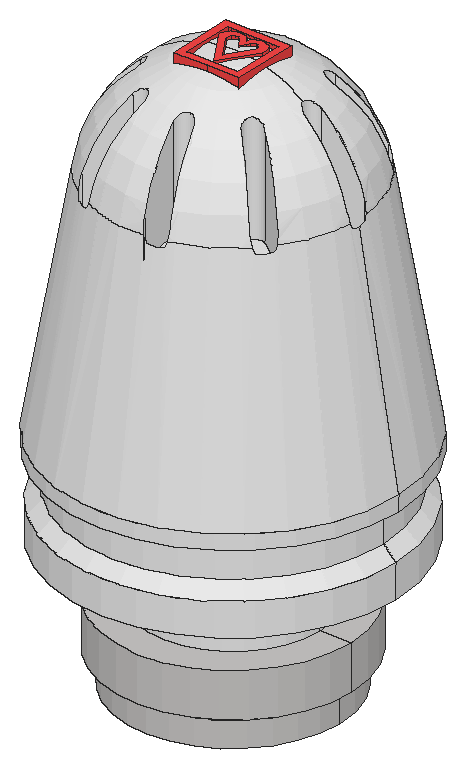
Revit family "HERZ-Thermostatkopf MINI Turbo M28x1.5 9200 13", category Rohrzubehör, Revit 2018
Family settings
  Bemaßung runder Anschluss = Durchmesser verwenden
  Teiletyp = Normal
  OmniClass-Nummer = 23.65.55.14
  OmniClass-Titel = Valves for Liquid Services
  Arbeitsebenenbasiert = Nein
  Immer vertikal = Nein
  Beim Laden mit Abzugskörper schneiden = Nein
  Gemeinsam genutzt = Nein
Parameters
  URL = "www.herz-armaturen.at"
  Thermostatkopf = "Kunststoff, weiß"  # constant formula
  Sollwertbereich = "0-30°C"  # constant formula
  S02 = 60 mm  # constant formula
  S01 = 73 mm  # constant formula
  Nullstellung = "Heizkörperthermostat mit Flüssigkeitsfühler (Hydrosensor) mit Stellung „0“, Frostsicherung einstellbar, mit Begrenzung und Blockierung des Sollwertbereiches."
  Hersteller = "HERZ Armaturen Ges.m.b.H."  # constant formula
  Funktionsweise = "Der HERZ-Thermostat dient als Fühl- und Regelelement. Durch die Volumsänderung der Flüssigkeitsfüllung im HERZ-Hydrosensor wird die Schubspindel des Ventils bewegt."
  Frostsicherung bei = 6 °C  # constant formula
  Sollwertbereich Frostsicherung = "6-30°C"  # constant formula
  Frostsicherung = "Heizkörperthermostat  mit  Flüssigkeitsfühler  (Hydrosensor)  mit  automatischer  Frostsicherung  und  Be-grenzung und Blockierung des Sollwertbereiches."
  Bestellnummer = 1920013  # constant formula
  Anwendungen = "Zur Montage auf Ventilen, die für thermostatischen Betrieb eingerichtet sind.Artikelnummern, Dimensionen und Lieferform der HERZ Ventile sind den jeweiligen Produktnormblättern zu entnehmen."
Reference planes
  plane 1 "Mitte (Vorne/hinten)": y = 0
  plane 2: z = 0
  plane 3 "Mitte (Links/rechts)": x = 0
Forms (mm)
  Revolve 1, solid, material "Kunststoff weiß", detail levels fine
    sketch origin (0, 0, 0) x (1, 0, 0) y (0, 0, 1)
      loop
        line (0, 0) -> (0, 73)
        arc (0, 73) -> (-11.397, 68.78) -> (-17.297, 58.156) r 17.5
        arc (-17.297, 58.156) -> (-20.011, 42.065) -> (-22.88, 26) r 1681.293
        line (-22.88, 26) -> (-22.88, 24) -> (-20.75, 24) -> (-20.75, 19.25) -> (-22.5, 17.5) -> (-22.5, 13) -> (-12.8, 13)
        arc (-12.8, 13) -> (-12.234, 12.766) -> (-12, 12.2) r 0.8
        line (-12, 12.2) -> (-12, 4.8) -> (-13.2, 4.8) -> (-13.2, 0) -> (0, 0)
      axis (0, 73) -> (0, 0)
    angle from 0 to 360
  Revolve 2, solid, material "Messing verzinkt", detail levels fine
    sketch origin (0, 0, 0) x (1, 0, 0) y (0, 0, 1)
      loop
        line (0, 0) -> (0, 5.5) -> (-16.35, 5.5) -> (-16.35, -0.576) -> (-14.75, -1.5) -> (-14.75, -5) -> (-13.35, -5) -> (-13.35, 0) -> (0, 0)
      axis (0, 5.5) -> (0, -5)
    angle from 0 to 360
  Extrusion 3, void
    sketch origin (0, 0, 0) x (1, 0, 0) y (0, 1, 0)
      loop
        arc (11.027, 1.298) -> (9.8, 0) -> (11.027, -1.298) r 1.3
        line (11.027, -1.298) -> (16.77, -1.62)
        arc (16.77, -1.62) -> (17.178, -1.485) -> (17.384, -1.107) r 0.586
        arc (17.384, -1.107) -> (17.453, 0.011) -> (17.382, 1.129) r 9
        arc (17.382, 1.129) -> (17.183, 1.492) -> (16.79, 1.621) r 0.564
        line (16.79, 1.621) -> (11.027, 1.298)
      loop
        line (9.282, 6.094) -> (13.904, 9.55)
        arc (13.904, 9.55) -> (14.121, 9.902) -> (14.04, 10.308) r 0.564
        arc (14.04, 10.308) -> (13.376, 11.21) -> (12.605, 12.023) r 9
        arc (12.605, 12.023) -> (12.205, 12.18) -> (11.805, 12.021) r 0.586
        line (11.805, 12.021) -> (7.613, 8.082)
        arc (7.613, 8.082) -> (7.507, 6.299) -> (9.282, 6.094) r 1.3
      loop
        arc (0.637, 11.085) -> (1.702, 9.651) -> (3.193, 10.634) r 1.3
        line (3.193, 10.634) -> (4.508, 16.234)
        arc (4.508, 16.234) -> (4.445, 16.659) -> (4.109, 16.928) r 0.586
        arc (4.109, 16.928) -> (3.02, 17.189) -> (1.907, 17.313) r 9
        arc (1.907, 17.313) -> (1.515, 17.181) -> (1.319, 16.816) r 0.564
        line (1.319, 16.816) -> (0.637, 11.085)
      loop
        line (-4.39, 10.199) -> (-6.991, 15.351)
        arc (-6.991, 15.351) -> (-7.3, 15.626) -> (-7.713, 15.617) r 0.564
        arc (-7.713, 15.617) -> (-8.717, 15.12) -> (-9.651, 14.501) r 9
        arc (-9.651, 14.501) -> (-9.875, 14.134) -> (-9.788, 13.713) r 0.586
        line (-9.788, 13.713) -> (-6.638, 8.901)
        arc (-6.638, 8.901) -> (-4.9, 8.487) -> (-4.39, 10.199) r 1.3
      loop
        arc (-10.806, 2.552) -> (-9.209, 3.352) -> (-9.918, 4.991) r 1.3
        line (-9.918, 4.991) -> (-15.204, 7.258)
        arc (-15.204, 7.258) -> (-15.634, 7.271) -> (-15.957, 6.986) r 0.586
        arc (-15.957, 6.986) -> (-16.404, 5.959) -> (-16.719, 4.884) r 9
        arc (-16.719, 4.884) -> (-16.657, 4.475) -> (-16.332, 4.219) r 0.564
        line (-16.332, 4.219) -> (-10.806, 2.552)
      loop
        line (-10.806, -2.552) -> (-16.332, -4.219)
        arc (-16.332, -4.219) -> (-16.657, -4.475) -> (-16.719, -4.884) r 0.564
        arc (-16.719, -4.884) -> (-16.404, -5.959) -> (-15.957, -6.986) r 9
        arc (-15.957, -6.986) -> (-15.634, -7.271) -> (-15.204, -7.258) r 0.586
        line (-15.204, -7.258) -> (-9.918, -4.991)
        arc (-9.918, -4.991) -> (-9.209, -3.352) -> (-10.806, -2.552) r 1.3
      loop
        arc (9.282, -6.094) -> (7.507, -6.299) -> (7.613, -8.082) r 1.3
        line (7.613, -8.082) -> (11.805, -12.021)
        arc (11.805, -12.021) -> (12.205, -12.18) -> (12.605, -12.023) r 0.586
        arc (12.605, -12.023) -> (13.376, -11.21) -> (14.04, -10.308) r 9
        arc (14.04, -10.308) -> (14.121, -9.902) -> (13.904, -9.55) r 0.564
        line (13.904, -9.55) -> (9.282, -6.094)
      loop
        line (0.637, -11.085) -> (1.319, -16.816)
        arc (1.319, -16.816) -> (1.515, -17.181) -> (1.907, -17.313) r 0.564
        arc (1.907, -17.313) -> (3.02, -17.189) -> (4.109, -16.928) r 9
        arc (4.109, -16.928) -> (4.445, -16.659) -> (4.508, -16.234) r 0.586
        line (4.508, -16.234) -> (3.193, -10.634)
        arc (3.193, -10.634) -> (1.702, -9.651) -> (0.637, -11.085) r 1.3
      loop
        arc (-4.39, -10.199) -> (-4.9, -8.487) -> (-6.638, -8.901) r 1.3
        line (-6.638, -8.901) -> (-9.788, -13.713)
        arc (-9.788, -13.713) -> (-9.875, -14.134) -> (-9.651, -14.501) r 0.586
        arc (-9.651, -14.501) -> (-8.717, -15.12) -> (-7.713, -15.617) r 9
        arc (-7.713, -15.617) -> (-7.3, -15.626) -> (-6.991, -15.351) r 0.564
        line (-6.991, -15.351) -> (-4.39, -10.199)
    from 55 to 73
Cuts and joins
  Extrusion 3 cuts Revolve 1
Lines and regions (mm)
  model lines, detail levels coarse+medium
    curve 1: line (0, 0, 0) -> (0, 0, 13)
    curve 2: line (0, -0.017, 0) -> (0, 13, 0)
    curve 3: circle (-0.018, 0, 43) r 30 normal (0, -1, 0)
    curve 4: circle (0, 0, 43) r 30 normal (1, 0, 0)
    curve 5: line (0, 0, 23) -> (0, 0, 63)
    curve 6: line (0, 17.5, 63) -> (0, -17.5, 63)
    curve 7: line (-0.018, 0, 23) -> (-0.018, 0, 63)
    curve 8: line (-17.518, 0, 63) -> (17.482, 0, 63)
    curve 9: circle (0, 43, 0) r 30 normal (0, 0, 1)
    curve 10: line (0, 63, 0) -> (0, 23, 0)
    curve 11: line (-17.5, 63, 0) -> (17.5, 63, 0)
Dimensions and locks
  "S01": curve 4 to plane 2
  "S01": curve 3 to plane 2
  "S01": plane 1 "Mitte (Vorne/hinten)" to curve 9
  "S02": diameter of curve 3
  "S02": diameter of curve 4
  "S02": diameter of curve 9
  aligned and locked: level to plane 2
Automatic sketch dimensions
  Revolve 1 sketch curve to level = 0 mm
  Revolve 1 sketch curve to plane 3 "Mitte (Links/rechts)" = 0 mm  (x2)
  Revolve 1 sketch curve to plane 3 "Mitte (Links/rechts)" = 12 mm
  Revolve 1 sketch curve to Revolve 1 sketch curve = 0.8 mm
  Revolve 1 sketch curve to Revolve 1 sketch curve = 1.2 mm
  Revolve 1 sketch curve to Revolve 1 sketch curve = 7.95 mm
  Revolve 1 sketch curve to Revolve 1 sketch curve = 1.75 mm  (x2)
  Revolve 1 sketch curve to Revolve 1 sketch curve = 2.13 mm
  level to Revolve 1 sketch curve = 329.658 mm
  Revolve 1 sketch curve to plane 3 "Mitte (Links/rechts)" = 1676.524 mm
  level to Revolve 1 sketch curve = 4.8 mm
  Revolve 1 sketch curve to Revolve 1 sketch curve = 7.4 mm
  Revolve 1 sketch curve to Revolve 1 sketch curve = 4.5 mm
  Revolve 1 sketch curve to Revolve 1 sketch curve = 4.75 mm
  Revolve 1 sketch curve to Revolve 1 sketch curve = 2 mm
  Revolve 1 sketch curve to Revolve 1 sketch curve = 29.5 mm
  Revolve 1 sketch curve to Revolve 1 sketch curve = 17.5 mm
  Revolve 1 sketch curve to level = 366.045 mm
  Revolve 1 sketch curve to Revolve 1 sketch curve = 2141.315 mm
  Revolve 2 sketch curve to level = 0 mm
  Revolve 2 sketch curve to plane 3 "Mitte (Links/rechts)" = 0 mm  (x2)
  Revolve 2 sketch curve to level = 5 mm
  Revolve 2 sketch curve to plane 3 "Mitte (Links/rechts)" = 13.35 mm
  Revolve 2 sketch curve to Revolve 2 sketch curve = 1.4 mm
  Revolve 2 sketch curve to level = 0.576 mm
  Revolve 2 sketch curve to Revolve 2 sketch curve = 1.6 mm
  Revolve 2 sketch curve to level = 1.5 mm
  level to Revolve 2 sketch curve = 5.5 mm
  Revolve 2 sketch curve to Revolve 2 sketch curve = 361.045 mm
  Revolve 2 sketch curve to Revolve 2 sketch curve = 2208.815 mm
  plane 1 "Mitte (Vorne/hinten)" to Extrusion 3 sketch curve = 0 mm  (x2)
  Extrusion 3 sketch curve to plane 1 "Mitte (Vorne/hinten)" = 4.219 mm
  Extrusion 3 sketch curve to plane 3 "Mitte (Links/rechts)" = 16.332 mm
  plane 1 "Mitte (Vorne/hinten)" to Extrusion 3 sketch curve = 4.219 mm
  Extrusion 3 sketch curve to Extrusion 3 sketch curve = 0 mm  (x11)
  Extrusion 3 sketch curve to Extrusion 3 sketch curve = 0.163 mm  (x2)
  Extrusion 3 sketch curve to Extrusion 3 sketch curve = 0.734 mm  (x2)
  plane 1 "Mitte (Vorne/hinten)" to Extrusion 3 sketch curve = 7.258 mm
  Extrusion 3 sketch curve to Extrusion 3 sketch curve = 0.231 mm  (x2)
  Extrusion 3 sketch curve to plane 1 "Mitte (Vorne/hinten)" = 7.258 mm
  plane 1 "Mitte (Vorne/hinten)" to Extrusion 3 sketch curve = 2.552 mm
  Extrusion 3 sketch curve to Extrusion 3 sketch curve = 5.526 mm
  Extrusion 3 sketch curve to plane 1 "Mitte (Vorne/hinten)" = 2.552 mm
  Extrusion 3 sketch curve to Extrusion 3 sketch curve = 0.375 mm  (x2)
  Extrusion 3 sketch curve to Extrusion 3 sketch curve = 0.512 mm  (x2)
  Extrusion 3 sketch curve to Extrusion 3 sketch curve = 5.416 mm  (x2)
  Extrusion 3 sketch curve to Extrusion 3 sketch curve = 0.49 mm  (x2)
  Extrusion 3 sketch curve to Extrusion 3 sketch curve = 2.488 mm  (x2)
  Extrusion 3 sketch curve to Extrusion 3 sketch curve = 1.803 mm  (x2)
  Extrusion 3 sketch curve to Extrusion 3 sketch curve = 0.504 mm  (x2)
  Extrusion 3 sketch curve to Extrusion 3 sketch curve = 3.281 mm  (x2)
  Extrusion 3 sketch curve to Extrusion 3 sketch curve = 1.088 mm  (x2)
  Extrusion 3 sketch curve to Extrusion 3 sketch curve = 1.16 mm  (x2)
  Extrusion 3 sketch curve to Extrusion 3 sketch curve = 1.324 mm  (x2)
  plane 3 "Mitte (Links/rechts)" to Extrusion 3 sketch curve = 0.637 mm  (x2)
  plane 3 "Mitte (Links/rechts)" to Extrusion 3 sketch curve = 1.319 mm  (x2)
  plane 3 "Mitte (Links/rechts)" to Extrusion 3 sketch curve = 1.468 mm  (x2)
  Extrusion 3 sketch curve to Extrusion 3 sketch curve = 0.561 mm  (x2)
  Extrusion 3 sketch curve to Extrusion 3 sketch curve = 1.291 mm  (x2)
  Extrusion 3 sketch curve to Extrusion 3 sketch curve = 1.266 mm  (x2)
  Extrusion 3 sketch curve to Extrusion 3 sketch curve = 2.058 mm  (x2)
  Extrusion 3 sketch curve to Extrusion 3 sketch curve = 0.57 mm  (x2)
  Extrusion 3 sketch curve to Extrusion 3 sketch curve = 5.007 mm  (x2)
  Extrusion 3 sketch curve to Extrusion 3 sketch curve = 1.138 mm  (x2)
  Extrusion 3 sketch curve to Extrusion 3 sketch curve = 1.978 mm
  Extrusion 3 sketch curve to Extrusion 3 sketch curve = 0.89 mm  (x2)
  Extrusion 3 sketch curve to Extrusion 3 sketch curve = 0.779 mm  (x2)
  plane 1 "Mitte (Vorne/hinten)" to Extrusion 3 sketch curve = 1.298 mm
  Extrusion 3 sketch curve to Extrusion 3 sketch curve = 2.575 mm
  Extrusion 3 sketch curve to Extrusion 3 sketch curve = 0.073 mm
  Extrusion 3 sketch curve to Extrusion 3 sketch curve = 4.192 mm  (x2)
  Extrusion 3 sketch curve to Extrusion 3 sketch curve = 0.401 mm  (x2)
  Extrusion 3 sketch curve to Extrusion 3 sketch curve = 1.36 mm  (x2)
  Extrusion 3 sketch curve to Extrusion 3 sketch curve = 0.338 mm  (x2)
  plane 1 "Mitte (Vorne/hinten)" to Extrusion 3 sketch curve = 1.62 mm
  Extrusion 3 sketch curve to Extrusion 3 sketch curve = 5.743 mm
  Extrusion 3 sketch curve to plane 1 "Mitte (Vorne/hinten)" = 1.621 mm
  Extrusion 3 sketch curve to Extrusion 3 sketch curve = 0.02 mm
  Extrusion 3 sketch curve to Extrusion 3 sketch curve = 0.033 mm
  Extrusion 3 sketch curve to Extrusion 3 sketch curve = 0.032 mm
  plane 1 "Mitte (Vorne/hinten)" to Extrusion 3 sketch curve = 7.32 mm
  Extrusion 3 sketch curve to Extrusion 3 sketch curve = 6.784 mm
  Extrusion 3 sketch curve to Extrusion 3 sketch curve = 1.004 mm
  Extrusion 3 sketch curve to Extrusion 3 sketch curve = 1.581 mm  (x2)
  Extrusion 3 sketch curve to Extrusion 3 sketch curve = 1.468 mm
  Extrusion 3 sketch curve to Extrusion 3 sketch curve = 0.712 mm  (x2)
  Extrusion 3 sketch curve to Extrusion 3 sketch curve = 0.452 mm  (x2)
  Extrusion 3 sketch curve to Extrusion 3 sketch curve = 2.31 mm  (x2)
  Extrusion 3 sketch curve to Extrusion 3 sketch curve = 0.297 mm  (x2)
  Extrusion 3 sketch curve to Extrusion 3 sketch curve = 1.591 mm  (x2)
  Extrusion 3 sketch curve to Extrusion 3 sketch curve = 0.427 mm  (x2)
  Extrusion 3 sketch curve to Extrusion 3 sketch curve = 4.812 mm  (x2)
  Extrusion 3 sketch curve to Extrusion 3 sketch curve = 0.321 mm  (x2)
  Extrusion 3 sketch curve to Extrusion 3 sketch curve = 1.063 mm  (x2)
  Extrusion 3 sketch curve to Extrusion 3 sketch curve = 0.254 mm  (x2)
  Extrusion 3 sketch curve to Extrusion 3 sketch curve = 5.599 mm  (x2)
  Extrusion 3 sketch curve to Extrusion 3 sketch curve = 0.134 mm  (x2)
  Extrusion 3 sketch curve to Extrusion 3 sketch curve = 0.382 mm  (x2)
  Extrusion 3 sketch curve to Extrusion 3 sketch curve = 0.067 mm  (x2)
  Extrusion 3 sketch curve to Extrusion 3 sketch curve = 0.947 mm
  Extrusion 3 sketch curve to Extrusion 3 sketch curve = 0.539 mm  (x2)
  Extrusion 3 sketch curve to Extrusion 3 sketch curve = 1.702 mm
  Extrusion 3 sketch curve to Extrusion 3 sketch curve = 2.439 mm
  Extrusion 3 sketch curve to Extrusion 3 sketch curve = 0.54 mm  (x2)
  Extrusion 3 sketch curve to Extrusion 3 sketch curve = 0.905 mm
  Extrusion 3 sketch curve to Extrusion 3 sketch curve = 0.585 mm
  Extrusion 3 sketch curve to Extrusion 3 sketch curve = 0.564 mm
  Extrusion 3 sketch curve to Extrusion 3 sketch curve = 0.339 mm
  Extrusion 3 sketch curve to Extrusion 3 sketch curve = 1.245 mm
  Extrusion 3 sketch curve to plane 1 "Mitte (Vorne/hinten)" = 5.433 mm
  Extrusion 3 sketch curve to Extrusion 3 sketch curve = 0.661 mm
  Extrusion 3 sketch curve to Extrusion 3 sketch curve = 1.041 mm
  Extrusion 3 sketch curve to Extrusion 3 sketch curve = 4.429 mm
  Extrusion 3 sketch curve to Extrusion 3 sketch curve = 2.891 mm
  Extrusion 3 sketch curve to Extrusion 3 sketch curve = 3.456 mm
  Extrusion 3 sketch curve to plane 1 "Mitte (Vorne/hinten)" = 1.298 mm  (x2)
  curve 5 to plane 1 "Mitte (Vorne/hinten)" = 0 mm
  curve 4 to plane 1 "Mitte (Vorne/hinten)" = 0 mm
  plane 1 "Mitte (Vorne/hinten)" to curve 6 = 17.5 mm
  curve 5 to curve 6 = 17.5 mm
  curve 5 to curve 4 = 20 mm
  curve 4 to curve 6 = 20 mm
  curve 1 to plane 3 "Mitte (Links/rechts)" = 0 mm
  curve 1 to level = 0 mm
  curve 3 to plane 3 "Mitte (Links/rechts)" = 0.018 mm
  curve 7 to plane 3 "Mitte (Links/rechts)" = 0.018 mm
  curve 8 to curve 7 = 17.5 mm
  plane 3 "Mitte (Links/rechts)" to curve 8 = 17.482 mm
  curve 1 to curve 7 = 10 mm
  curve 3 to curve 8 = 20 mm
  curve 9 to plane 3 "Mitte (Links/rechts)" = 0 mm
  curve 10 to plane 3 "Mitte (Links/rechts)" = 0 mm
  curve 2 to plane 3 "Mitte (Links/rechts)" = 0 mm
  curve 11 to curve 10 = 17.5 mm
  plane 3 "Mitte (Links/rechts)" to curve 11 = 17.5 mm
  plane 1 "Mitte (Vorne/hinten)" to curve 2 = 0.017 mm
  curve 2 to curve 10 = 10 mm
  curve 9 to curve 11 = 20 mm
Nested families
  nested 1: "Herz-Logo" at (0, 0, 71.5), type "Herz-Logo", detail levels fine
Definition of nested family "Herz-Logo"
  Reference planes
    plane 1 "Mitte (Vorne/hinten)": y = 0
    plane 2: z = 0
    plane 3 "Mitte (Links/rechts)": x = 0
  Forms (mm)
    Extrusion 1, solid
      sketch origin (0, 0, 0) x (1, 0, 0) y (0, 1, 0)
        loop
          line (-0.018, -4.517) -> (4.482, -4.517) -> (4.482, 4.483) -> (-4.518, 4.483) -> (-4.518, -4.517) -> (-0.018, -4.517)
        loop
          line (-0.05, -3.48) -> (3.482, -3.48) -> (3.482, 3.483) -> (-3.518, 3.483) -> (-3.518, -3.48) -> (-0.05, -3.48)
        loop
          arc (-0.018, 2.383) -> (-1.543, 3.287) -> (-3.067, 2.383) r 1.738
          arc (-3.067, 2.383) -> (-3.191, 1.899) -> (-3.067, 1.415) r 1.009
          line (-3.067, 1.415) -> (-0.018, -3.281) -> (3.032, 1.415)
          arc (3.032, 1.415) -> (3.156, 1.899) -> (3.032, 2.383) r 1.009
          arc (3.032, 2.383) -> (1.507, 3.287) -> (-0.018, 2.383) r 1.738
        loop
          arc (1.885, 1.272) -> (2.005, 1.675) -> (1.885, 2.079) r 0.74
          arc (1.885, 2.079) -> (1.265, 2.416) -> (0.644, 2.079) r 0.74
          line (0.644, 2.079) -> (-0.018, 0.97) -> (-0.679, 2.079)
          arc (-0.679, 2.079) -> (-1.3, 2.416) -> (-1.921, 2.079) r 0.74
          arc (-1.921, 2.079) -> (-2.04, 1.675) -> (-1.921, 1.272) r 0.74
          line (-1.921, 1.272) -> (-0.018, -1.658) -> (1.885, 1.272)
      from 0 to 1.5
  Dimensions and locks
    aligned and locked: level to plane 2
